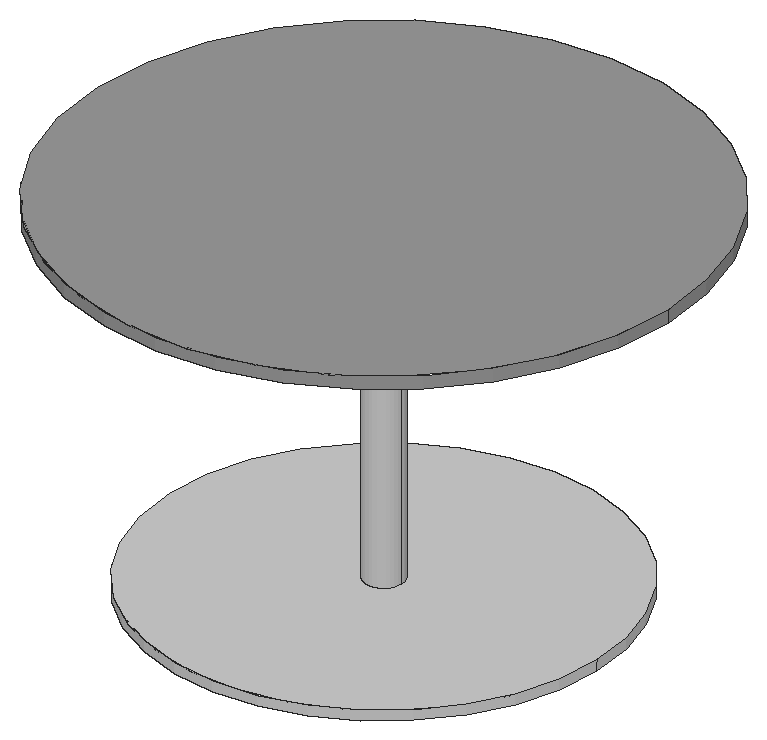
Revit family "Haworth_MeetingPoints_Table_Round_EU_PRELIMINARY", category Furniture, Revit 2019
Family settings
  OmniClass Number = 23.40.70.14.64.21
  OmniClass Title = Systems Furniture
  Work Plane-Based = No
  Always vertical = Yes
  Cut with Voids When Loaded = No
  Shared = No
  Room Calculation Point = No
Parameters (values of type "120cm x 74h - with Disc Base")
  Standard Widths = "70, 80, 90, 100, 120 cm"  # constant formula
  Warranty = "http://www.haworth.com/resources/product-info/warranties"
  URL - Product = "https://www.haworth.com/eu/en/products/meeting-tables/meeting-points.html"
  Table Finish [instance] = Haworth _ Laminate _ Undecided _ Tables
  Small = Diameter < 110 cm  # no
  Radius = Actual Diameter / 2  # 60 cm
  Model = "A00000004"  # constant formula
  Min. Height = 74 cm  # constant formula
  Min. Diameter = 70 cm  # constant formula
  Max. Height = 110 cm  # constant formula
  Max. Diameter = 120 cm  # constant formula
  Large = Diameter = 120 cm  # yes
  Height = 74 cm
  Glides = no
  Glide Finish = Haworth _ Polymer _ Black
  Four Star Base = not(Disc Base Support)  # no
  Disc Radius = if(Small, 30 cm, 45 cm)  # 45 cm
  Disc Base Support = yes
  Diameter = 120 cm
  Description = "Haworth - Meeting Points - Table - Round"  # constant formula
  URL = "https://www.haworth.com/eu/en.html"
  Size = "Verify Final Dim. w/ Haworth"  # constant formula
  Revision Number = "1"  # constant formula
  Manufacturer = "Haworth"  # constant formula
  Casters = not(or(Glides, Disc Base Support))  # no
  Base Height = Actual Height - 3.5 cm  # 70.5 cm
  Base Finish [instance] = Haworth _ Paint _ Undecided _ Table
  Author = "Haworth (Abd Rahman)"  # constant formula
  Assembly Code = "E2020200"
  Actual Height = if(Height > Max. Height, Max. Height, if(Height < Min. Height, Min. Height, Height))  # 74 cm
  Actual Diameter = if(Diameter > Max. Diameter, Max. Diameter, if(Diameter < Min. Diameter, Min. Diameter, Diameter))  # 120 cm
Types (7, lengths in cm): name | Small | Radius | Large | Height | Glides | Four Star Base | Disc Radius | Disc Base Support | Diameter | Casters | Base Height | Actual Height | Actual Diameter
  70cm x 74h - with Casters | yes | 35 | no | 74 | no | yes | 30 | no | 70 | yes | 70.5 | 74 | 70
  80cm x 110h - with Glides | yes | 40 | no | 110 | yes | yes | 30 | no | 80 | no | 106.5 | 110 | 80
  90cm x 74h - with Casters | yes | 45 | no | 74 | no | yes | 30 | no | 90 | yes | 70.5 | 74 | 90
  100cm x 110h - with Glides | yes | 50 | no | 110 | yes | yes | 30 | no | 100 | no | 106.5 | 110 | 100
  120cm x 74h - with Disc Base | no | 60 | yes | 74 | no | no | 45 | yes | 120 | no | 70.5 | 74 | 120
  90cm x 74h - with Disc Base | yes | 45 | no | 74 | no | no | 30 | yes | 90 | no | 70.5 | 74 | 90
  70cm x 110h - with Glides | yes | 35 | no | 110 | yes | yes | 30 | no | 70 | no | 106.5 | 110 | 70
Reference planes (cm)
  plane 1 "Center F/B": y = 0
  plane 2: z = 0
  plane 3 "Top": z = 74
  plane 4: x = 0
  plane 5 "Base Top": z = 1.905
  plane 6: z = 71.5
  plane 7: x = -60
  plane 8: x = 60
  plane 9: y = -60
  plane 10: y = 60
  plane 11: z = 70.5
  plane 12: z = 4.0135
  plane 13: z = 10.1004
Forms (cm)
  Extrusion 1, solid, material "Haworth _ Laminate _ Undecided _ Tables" <- "Table Finish"
    sketch origin (0, 0, 0) x (1, 0, 0) y (0, 1, 0)
      loop
        circle (0, 0) r 60
    from 71.5 to 74
  Extrusion 2, solid, material "Haworth _ Paint _ Undecided _ Table" <- "Base Finish"
    sketch origin (0, 0, 36) x (1, 0, 0) y (0, 1, 0)
      loop
        circle (0, 0) r 14.6201
    from 34.5 to 35.5
  Extrusion 3, solid, material "Haworth _ Paint _ Undecided _ Table" <- "Base Finish", visible <- "Glides"
    sketch origin (0, 0, 0) x (1, 0, 0) y (0, 1, 0)
      loop
        circle (0, 0) r 3
    from 4.0135 to 70.5
  Extrusion 4, solid, material "Haworth _ Paint _ Undecided _ Table" <- "Base Finish", visible <- "Casters"
    sketch origin (0, 0, 0) x (1, 0, 0) y (0, 1, 0)
      loop
        circle (0, 0) r 3
    from 10.1004 to 70.5
Lines and regions (cm)
  Masking region 1
    outline origin (0, 0, 0) x (1, 0, 0) y (0, 1, 0)
      loop
        circle (0, 0) r 60
Dimensions and locks (cm)
  "Actual Height": plane 3 "Top" to level
  locked: plane 5 "Base Top" to level at 1.905
  "Actual Diameter": plane 7 to plane 8
  "Actual Diameter": plane 9 to plane 10
  equal spacing: plane 9, plane 1 "Center F/B", plane 10
  equal spacing: plane 7, plane 4, plane 8
  plane 3 "Top" to plane 6 to plane 11 = 2.5 cm locked, 1 cm locked
  "Radius": radius of Masking region 1 sketch curve
  "Radius": radius of Extrusion 1 sketch curve
  aligned and locked: plane 3 "Top" to Extrusion 1
  aligned and locked: Extrusion 1 to plane 6
  aligned and locked: plane 4 to nested 1
  aligned and locked: plane 1 "Center F/B" to nested 1
  aligned and locked: level to nested 1
  aligned and locked: plane 6 to Extrusion 2
  aligned and locked: Extrusion 2 to plane 11
  aligned and locked: plane 4 to nested 3
  aligned and locked: plane 1 "Center F/B" to nested 3
  aligned and locked: plane 4 to nested 2
  aligned and locked: plane 1 "Center F/B" to nested 2
  aligned and locked: nested 2 to level
  aligned and locked: level to nested 3
  aligned and locked: plane 1 "Center F/B" to Extrusion 3 sketch curve
  aligned and locked: plane 4 to Extrusion 3 sketch curve
  aligned and locked: plane 11 to Extrusion 3
  aligned and locked: Extrusion 3 to plane 12
  aligned and locked: Extrusion 4 to plane 13
  aligned and locked: plane 11 to Extrusion 4
  aligned and locked: plane 4 to Masking region 1 sketch curve
  aligned and locked: plane 1 "Center F/B" to Masking region 1 sketch curve
  aligned and locked: plane 4 to Extrusion 1 sketch curve
  aligned and locked: plane 1 "Center F/B" to Extrusion 1 sketch curve
  aligned and locked: plane 1 "Center F/B" to Extrusion 2 sketch curve
  aligned and locked: plane 4 to Extrusion 2 sketch curve
  aligned and locked: plane 4 to Extrusion 4 sketch curve
  aligned and locked: plane 1 "Center F/B" to Extrusion 4 sketch curve
Automatic sketch dimensions
  radius of Extrusion 2 sketch curve = 14.6201 cm
  radius of Extrusion 3 sketch curve = 3 cm
  radius of Extrusion 4 sketch curve = 3 cm
Nested families (cm)
  nested 1: "Haworth_MeetingTable_DiscBase_PART" at (0, 0, 0), visible <- "Disc Base Support", type "Disc Base - PART"
  nested 2: "Haworth_MeetingPoints_TableBase_Glides_PART" at (0, 1.6111, 0), visible <- "Glides", Base Finish <- "Base Finish", type "Glides - PART"
    with Base Finish Haworth _ Paint _ Undecided _ Table
  nested 3: "Haworth_MeetingPoints_TableBase_Casters_PART" at (0, 0, 0), visible <- "Casters", Support Finish <- "Base Finish", type "Casters - PART"
    with Support Finish Haworth _ Paint _ Undecided _ Table
Definition of nested family "Haworth_MeetingTable_DiscBase_PART"
  Parameters (values of type "Disc Base - PART")
    Warranty = "https://www.haworth.com/resources/product-info/warranties"
    URL - Product = "https://www.haworth.com/products/tables/collaborative/planes"
    Support Finish = none
    Small = no
    Large = yes
    Model = "Haworth - Meeting Points"  # constant formula
    Glide Finish = none
    Disc Radius = 45 cm
    Description = "Haworth - Meeting Points - Disc Base - PART"  # constant formula
    URL = "www.haworth.com"
    Size = "Verify Final Dim. w/ Haworth"  # constant formula
    Revision Number = "1"  # constant formula
    Manufacturer = "Haworth"  # constant formula
    Base Length = Disc Radius - 5 cm  # 40 cm
    Author = "Haworth (Hampton, Abd Rahman)"  # constant formula
    Assembly Code = "E2020200"
    Actual Height = 70.5 cm
  Reference planes (cm)
    plane 1 "Center F/B": y = 0
    plane 2 "Bottom": z = 0
    plane 3 "Top": z = 70.5
    plane 4: x = 0
    plane 5 "Base Top": z = 2.5
    plane 6 "2": z = 0.5
    plane 7: x = -40
    plane 8: y = 40
    plane 9: y = -40
    plane 10: x = 40
  Forms (cm)
    Extrusion 1, solid, material <- "Support Finish"
      sketch origin (0, 0, 0) x (1, 0, 0) y (0, 1, 0)
        loop
          circle (0, 0) r 3.81
      from 2.5 to 70.5
    Extrusion 2, solid, material <- "Support Finish"
      sketch origin (0, 0, 0) x (1, 0, 0) y (0, 1, 0)
        loop
          circle (0, 0) r 45
      from 0.5 to 2.5
    Extrusion 3, solid, material <- "Glide Finish"
      sketch origin (0, 0, 0) x (1, 0, 0) y (0, 1, 0)
        loop
          circle (0, 40) r 2
        loop
          circle (0, -40) r 2
        loop
          circle (-40, 0) r 2
        loop
          circle (40, 0) r 2
      from 0 to 0.5
  Lines and regions (cm)
    Masking region 1
      outline origin (0, 0, 0) x (1, 0, 0) y (0, 1, 0)
        loop
          circle (0, 0) r 45
  Dimensions and locks (cm)
    "Actual Height": plane 3 "Top" to level
    plane 5 "Base Top" to level = 2.5 cm
    "Base Length": plane 4 to plane 10
    "Base Length": plane 7 to plane 4
    "Base Length": plane 1 "Center F/B" to plane 8
    "Base Length": plane 9 to plane 1 "Center F/B"
    "Disc Radius": radius of Extrusion 2 sketch curve
    "Disc Radius": radius of Masking region 1 sketch curve
    aligned and locked: plane 3 "Top" to Extrusion 1
    aligned and locked: Extrusion 1 to plane 5 "Base Top"
    aligned and locked: plane 5 "Base Top" to Extrusion 2
    aligned and locked: plane 1 "Center F/B" to Extrusion 1 sketch curve
    aligned and locked: plane 4 to Extrusion 1 sketch curve
    aligned and locked: plane 1 "Center F/B" to Extrusion 2 sketch curve
    aligned and locked: plane 4 to Extrusion 2 sketch curve
    aligned and locked: Extrusion 2 to plane 6 "2"
    aligned and locked: Extrusion 3 to level
    aligned and locked: plane 6 "2" to Extrusion 3
    aligned and locked: plane 4 to Extrusion 3 sketch curve  (x2)
    aligned and locked: plane 1 "Center F/B" to Extrusion 3 sketch curve  (x2)
    aligned and locked: plane 8 to Extrusion 3 sketch curve
    aligned and locked: plane 9 to Extrusion 3 sketch curve
    aligned and locked: plane 7 to Extrusion 3 sketch curve
    aligned and locked: plane 10 to Extrusion 3 sketch curve
    aligned and locked: plane 4 to Masking region 1 sketch curve
    aligned and locked: plane 1 "Center F/B" to Masking region 1 sketch curve
  Automatic sketch dimensions
    radius of Extrusion 1 sketch curve = 3.81 cm
    radius of Extrusion 3 sketch curve = 2 cm  (x4)
Definition of nested family "Haworth_MeetingPoints_TableBase_Glides_PART"
  Parameters (values of type "Glides - PART")
    Warranty = ""
    Model = "Haworth - Meeting Points - Table - Base - PART"  # constant formula
    Glide Finish = none
    Description = "Haworth - Meeting Points - Table - Base - PART"  # constant formula
    URL = "https://www.haworth.com/eu/en.html"
    Size = "Verify Final Dim. w/ Haworth"  # constant formula
    Revision Number = "1"  # constant formula
    Manufacturer = "Haworth"  # constant formula
    Base Finish [instance] = none
    Author = "Haworth (Abd Rahman)"  # constant formula
    Assembly Code = "E2020200"
    Actual Diameter = 100 cm  # constant formula
  Reference planes (cm)
    plane 1: z = 0
    plane 2 "Top": z = 7.81
    plane 3: x = 0
    plane 4 "Base Top": z = 1.905
    plane 5: x = -50
    plane 6: x = 50
    plane 7 "Back": y = 50
    plane 8 "Front": y = -50
    plane 9: y = -1.6111
  Forms (cm)
    Extrusion 1, solid, material <- "Glide Finish"
      sketch origin (25.1831, 8.821, 0) x (1, 0, 0) y (0, 1, 0)
        loop
          circle (-52.0663, -37.2345) r 1.8056
        loop
          circle (-52.0663, 16.5056) r 1.8056
        loop
          circle (1.6738, 16.5056) r 1.8056
        loop
          circle (1.6738, -37.2345) r 1.8056
      from 0 to 1.1112
    Extrusion 2, solid, material <- "Base Finish"
      sketch origin (-1.2069, 0, 0) x (1, 0, 0) y (0, 1, 0)
        loop
          line (-3.6034, -2.2979) -> (-27.0873, -27.1512)
          arc (-27.0873, -27.1512) -> (-27.0478, -29.939) -> (-24.26, -29.9785) r 2
          line (-24.26, -29.9785) -> (0.7879, -6.3107)
          arc (0.7879, -6.3107) -> (1.2808, -6.1147) -> (1.7737, -6.3107) r 0.7177
          line (1.7737, -6.3107) -> (26.7509, -29.9117)
          arc (26.7509, -29.9117) -> (29.5387, -29.8723) -> (29.5782, -27.0845) r 2
          line (29.5782, -27.0845) -> (6.0987, -2.2358)
          arc (6.0987, -2.2358) -> (5.8256, -1.549) -> (6.0987, -0.8622) r 1
          line (6.0987, -0.8622) -> (29.6305, 24.0417)
          arc (29.6305, 24.0417) -> (29.591, 26.8295) -> (26.8032, 26.869) r 2
          line (26.8032, 26.869) -> (1.7522, 3.1982)
          arc (1.7522, 3.1982) -> (1.2069, 2.9813) -> (0.6616, 3.1982) r 0.7939
          line (0.6616, 3.1982) -> (-24.1752, 26.6666)
          arc (-24.1752, 26.6666) -> (-26.9631, 26.6271) -> (-27.0025, 23.8393) r 2
          line (-27.0025, 23.8393) -> (-3.6034, -0.9243)
          arc (-3.6034, -0.9243) -> (-3.3302, -1.6111) -> (-3.6034, -2.2979) r 1
      from 1.905 to 7.0809
    Extrusion 3, void
      sketch origin (-1.2069, -50, 0) x (-1, 0, 0) y (0, 0, 1)
        loop
          line (-1.7126, 3.9738) -> (-25.7643, 2.6518) -> (-26.2422, 2.4) -> (-31.2789, 2.4) -> (-31.2789, 7.0809) -> (-39.7789, 7.0809) -> (-39.7789, -1.9191) -> (40.7789, -1.9191) -> (40.7789, 7.0809) -> (28.1657, 7.0809) -> (28.1657, 2.4) -> (23.9385, 2.4) -> (23.2002, 2.7891) -> (1.6454, 3.9738)
          arc (1.6454, 3.9738) -> (-0.0336, 4.02) -> (-1.7126, 3.9738) r 30.5922
      from 8.5977 to 90.1645
    Extrusion 4, solid, material <- "Glide Finish"
      sketch origin (-1.5335, -0.2926, 0) x (1, 0, 0) y (0, 1, 0)
        loop
          circle (28.4096, -28.0906) r 0.5876
        loop
          circle (-25.3032, -28.1046) r 0.5876
        loop
          circle (28.3874, 25.5909) r 0.5876
        loop
          circle (-25.3548, 25.6491) r 0.5876
      from 0.93 to 3.81
    Extrusion 5, void
      sketch origin (-1.2069, -50, 0) x (-1, 0, 0) y (0, 0, 1)
        loop
          arc (-11.8752, 6.5859) -> (0.0211, 7.0536) -> (11.9173, 6.5859) r 151.5
          line (11.9173, 6.5859) -> (26.9426, 5.4024) -> (29.2931, 5.2172) -> (29.2931, 8.2203) -> (-32.2789, 8.2203) -> (-32.2789, 4.9787) -> (-26.9423, 5.3991) -> (-11.8752, 6.5859)
      from 17.6538 to 80.4712
  Cuts and joins
    Extrusion 3, Extrusion 5 cuts Extrusion 2
    joined: Extrusion 1, Extrusion 4
  Lines and regions (cm)
    Masking region 1
      outline origin (-1.2069, 0, 0) x (1, 0, 0) y (0, 1, 0)
        loop
          line (26.8028, 26.8693) -> (1.7522, 3.1982)
          spline (1.7522, 3.1982) -> (1.6752, 3.1342) -> (1.5908, 3.0803) -> (1.5003, 3.0375) -> (1.4051, 3.0065) -> (1.3068, 2.9876) -> (1.2069, 2.9813) -> (1.107, 2.9876) -> (1.0086, 3.0065) -> (0.9135, 3.0375) -> (0.823, 3.0803) -> (0.7385, 3.1342) -> (0.6616, 3.1982)
          line (0.6616, 3.1982) -> (-24.1752, 26.6666)
          arc (-24.1752, 26.6666) -> (-26.9631, 26.6271) -> (-27.0025, 23.8393) r 2
          line (-27.0025, 23.8393) -> (-3.6033, -0.9243)
          spline (-3.6033, -0.9243) -> (-3.5227, -1.0212) -> (-3.4549, -1.1276) -> (-3.401, -1.2415) -> (-3.3619, -1.3614) -> (-3.3382, -1.4853) -> (-3.3302, -1.6111) -> (-3.3382, -1.7369) -> (-3.3619, -1.8608) -> (-3.401, -1.9807) -> (-3.4549, -2.0947) -> (-3.5227, -2.201) -> (-3.6033, -2.2979)
          line (-3.6033, -2.2979) -> (-27.0873, -27.1512)
          arc (-27.0873, -27.1512) -> (-27.0478, -29.939) -> (-24.26, -29.9785) r 2
          line (-24.26, -29.9785) -> (0.7879, -6.3107)
          spline (0.7879, -6.3107) -> (0.8574, -6.2528) -> (0.9337, -6.2042) -> (1.0155, -6.1655) -> (1.1016, -6.1374) -> (1.1905, -6.1204) -> (1.2808, -6.1147) -> (1.3711, -6.1204) -> (1.46, -6.1374) -> (1.546, -6.1655) -> (1.6278, -6.2041) -> (1.7041, -6.2528) -> (1.7737, -6.3107)
          line (1.7737, -6.3107) -> (26.7491, -29.91)
          arc (26.7491, -29.91) -> (29.5379, -29.8732) -> (29.5782, -27.0845) r 2
          line (29.5782, -27.0845) -> (6.0987, -2.2357)
          spline (6.0987, -2.2357) -> (6.018, -2.1388) -> (5.9502, -2.0325) -> (5.8964, -1.9186) -> (5.8573, -1.7987) -> (5.8335, -1.6749) -> (5.8256, -1.549) -> (5.8335, -1.4232) -> (5.8573, -1.2993) -> (5.8964, -1.1795) -> (5.9502, -1.0655) -> (6.018, -0.9592) -> (6.0987, -0.8623)
          line (6.0987, -0.8623) -> (29.6259, 24.0369)
          arc (29.6259, 24.0369) -> (29.5933, 26.8272) -> (26.8028, 26.8693) r 2
  Dimensions and locks (cm)
    locked: plane 4 "Base Top" to level at 1.905
    "Actual Diameter": plane 5 to plane 6
    equal spacing: plane 5, plane 3, plane 6
    plane 7 "Back" to plane 8 "Front" = 100 cm
    "Actual Diameter": plane 7 "Back" to plane 8 "Front"
  Automatic sketch dimensions
    Extrusion 2 sketch curve to plane 5 = 21.7058 cm
    Extrusion 2 sketch curve to plane 5 = 21.7906 cm
    Extrusion 2 sketch curve to Extrusion 2 sketch curve = 1.4537 cm  (x4)
    Extrusion 2 sketch curve to Extrusion 2 sketch curve = 1.3736 cm  (x8)
    plane 3 to Extrusion 2 sketch curve = 5.5371 cm
    Extrusion 2 sketch curve to Extrusion 2 sketch curve = 0.7268 cm  (x3)
    plane 3 to Extrusion 2 sketch curve = 0.5453 cm
    plane 3 to Extrusion 2 sketch curve = 0.419 cm
    Extrusion 2 sketch curve to Extrusion 2 sketch curve = 0.5453 cm  (x2)
    Extrusion 2 sketch curve to Extrusion 2 sketch curve = 0.4929 cm  (x2)
    Extrusion 2 sketch curve to Extrusion 2 sketch curve = 4.3465 cm
    Extrusion 2 sketch curve to Extrusion 2 sketch curve = 0 cm
    plane 6 to Extrusion 2 sketch curve = 24.456 cm
    plane 6 to Extrusion 2 sketch curve = 24.4037 cm
    Extrusion 2 sketch curve to Extrusion 2 sketch curve = 4.0749 cm
    Extrusion 2 sketch curve to Extrusion 2 sketch curve = 0.5217 cm
    plane 8 "Front" to Extrusion 2 sketch curve = 22.9155 cm
    plane 8 "Front" to Extrusion 2 sketch curve = 22.8488 cm
    Extrusion 2 sketch curve to Extrusion 2 sketch curve = 0.5771 cm
    plane 4 "Base Top" to Extrusion 5 sketch curve = 6.3153 cm
    plane 6 to Extrusion 5 sketch curve = 18.928 cm
    plane 4 "Base Top" to Extrusion 5 sketch curve = 3.4941 cm
    Extrusion 5 sketch curve to Extrusion 5 sketch curve = 5.3366 cm
    plane 4 "Base Top" to Extrusion 5 sketch curve = 4.6809 cm  (x2)
    Extrusion 5 sketch curve to plane 3 = 10.6683 cm
    plane 3 to Extrusion 5 sketch curve = 1.228 cm
    plane 4 "Base Top" to Extrusion 5 sketch curve = 3.4974 cm
    Extrusion 5 sketch curve to Extrusion 5 sketch curve = 15.0253 cm
    Extrusion 5 sketch curve to Extrusion 5 sketch curve = 2.3505 cm
    Extrusion 5 sketch curve to Extrusion 5 sketch curve = 0.1851 cm
    plane 4 "Base Top" to Extrusion 5 sketch curve = 3.0737 cm
    Extrusion 5 sketch curve to level = 144.4464 cm
    Extrusion 3 sketch curve to level = 1.9191 cm
    plane 6 to Extrusion 3 sketch curve = 11.428 cm
    Extrusion 3 sketch curve to Extrusion 3 sketch curve = 8.5 cm
    plane 4 "Base Top" to Extrusion 3 sketch curve = 0.495 cm  (x2)
    Extrusion 3 sketch curve to Extrusion 3 sketch curve = 5.0367 cm
    plane 4 "Base Top" to Extrusion 3 sketch curve = 0.7468 cm
    Extrusion 3 sketch curve to Extrusion 3 sketch curve = 0.4779 cm
    Extrusion 3 sketch curve to plane 3 = 0.5057 cm
    plane 3 to Extrusion 3 sketch curve = 1.1733 cm
    plane 3 to Extrusion 3 sketch curve = 2.8523 cm
    plane 4 "Base Top" to Extrusion 3 sketch curve = 0.8841 cm
    Extrusion 3 sketch curve to Extrusion 3 sketch curve = 21.5548 cm
    Extrusion 3 sketch curve to Extrusion 3 sketch curve = 0.7384 cm
    Extrusion 3 sketch curve to Extrusion 3 sketch curve = 4.2272 cm
    Extrusion 3 sketch curve to plane 5 = 8.0142 cm
    Extrusion 3 sketch curve to level = 26.5722 cm
    plane 4 "Base Top" to Extrusion 3 sketch curve = 2.0688 cm
    Extrusion 3 sketch curve to Extrusion 3 sketch curve = 4.6809 cm  (x2)
    Extrusion 4 sketch curve to plane 5 = 23.1117 cm
    Extrusion 4 sketch curve to plane 5 = 23.1633 cm
    plane 6 to Extrusion 4 sketch curve = 23.1461 cm
    plane 6 to Extrusion 4 sketch curve = 23.1239 cm
    plane 8 "Front" to Extrusion 4 sketch curve = 21.6029 cm
    plane 8 "Front" to Extrusion 4 sketch curve = 21.6169 cm
    Extrusion 4 sketch curve to plane 7 "Back" = 24.7017 cm
    Extrusion 4 sketch curve to plane 7 "Back" = 24.6435 cm
    Extrusion 1 sketch curve to plane 5 = 23.1168 cm  (x2)
    plane 6 to Extrusion 1 sketch curve = 23.1431 cm  (x2)
    plane 8 "Front" to Extrusion 1 sketch curve = 21.5865 cm  (x2)
    Extrusion 1 sketch curve to plane 7 "Back" = 24.6734 cm  (x2)
    Masking region 1 sketch curve to plane 5 = 23.1595 cm
    Masking region 1 sketch curve to plane 5 = 23.2443 cm
    plane 3 to Masking region 1 sketch curve = 0.5453 cm
    plane 3 to Masking region 1 sketch curve = 0.419 cm
    Masking region 1 sketch curve to Masking region 1 sketch curve = 1.0906 cm
    Masking region 1 sketch curve to Masking region 1 sketch curve = 0.9858 cm
    Masking region 1 sketch curve to Masking region 1 sketch curve = 4.3465 cm
    Masking region 1 sketch curve to Masking region 1 sketch curve = 0 cm  (x9)
    plane 6 to Masking region 1 sketch curve = 24.4578 cm
    Masking region 1 sketch curve to Masking region 1 sketch curve = 1.3754 cm
    plane 6 to Masking region 1 sketch curve = 23.0301 cm
    Masking region 1 sketch curve to Masking region 1 sketch curve = 1.4537 cm  (x3)
    Masking region 1 sketch curve to Masking region 1 sketch curve = 1.4492 cm
    Masking region 1 sketch curve to Masking region 1 sketch curve = 4.075 cm
    plane 8 "Front" to Masking region 1 sketch curve = 22.9155 cm
    Masking region 1 sketch curve to Masking region 1 sketch curve = 1.3736 cm  (x5)
    plane 8 "Front" to Masking region 1 sketch curve = 21.4752 cm
    Masking region 1 sketch curve to plane 7 "Back" = 24.7871 cm
    Masking region 1 sketch curve to Masking region 1 sketch curve = 1.3784 cm
    Masking region 1 sketch curve to Masking region 1 sketch curve = 0.5453 cm
    Masking region 1 sketch curve to Masking region 1 sketch curve = 0.4929 cm
    Masking region 1 sketch curve to Masking region 1 sketch curve = 0.2029 cm
    Masking region 1 sketch curve to Masking region 1 sketch curve = 0.2025 cm
    Masking region 1 sketch curve to Masking region 1 sketch curve = 0.7256 cm
    Masking region 1 sketch curve to Masking region 1 sketch curve = 1.3739 cm
    Masking region 1 sketch curve to Masking region 1 sketch curve = 0.0003 cm  (x2)
    Masking region 1 sketch curve to Masking region 1 sketch curve = 0.6867 cm
    Masking region 1 sketch curve to Masking region 1 sketch curve = 0.7264 cm  (x2)
    plane 3 to Masking region 1 sketch curve = 4.8102 cm
    Masking region 1 sketch curve to Masking region 1 sketch curve = 1.6866 cm
    Masking region 1 sketch curve to Masking region 1 sketch curve = 0.313 cm
    Extrusion 2 sketch curve to Extrusion 2 sketch curve = 23.0794 cm
    Extrusion 2 sketch curve to Extrusion 2 sketch curve = 4.0128 cm
    Extrusion 2 sketch curve to Extrusion 2 sketch curve = 0.6868 cm  (x2)
    Extrusion 2 sketch curve to Extrusion 2 sketch curve = 4.1225 cm
    Extrusion 2 sketch curve to plane 7 "Back" = 26.1607 cm
    Extrusion 2 sketch curve to plane 7 "Back" = 25.9583 cm
    Masking region 1 sketch curve to Masking region 1 sketch curve = 23.6678 cm
    Masking region 1 sketch curve to Masking region 1 sketch curve = 5.3864 cm
    Masking region 1 sketch curve to Masking region 1 sketch curve = 4.0605 cm
    Masking region 1 sketch curve to plane 7 "Back" = 25.9631 cm
    Masking region 1 sketch curve to Masking region 1 sketch curve = 0.3127 cm
    radius of Extrusion 4 sketch curve = 0.5876 cm  (x4)
    radius of Extrusion 1 sketch curve = 1.8056 cm  (x4)
Definition of nested family "Haworth_MeetingPoints_TableBase_Casters_PART"
  Parameters (values of type "Casters - PART")
    Warranty = ""
    Support Finish [instance] = none
    Model = "Haworth - Meeting Points - Table - Base - PART"  # constant formula
    Glide Finish = none
    Description = "Haworth - Meeting Points - Table - Base - PART"  # constant formula
    URL = "https://www.haworth.com/eu/en.html"
    Size = "Verify Final Dim. w/ Haworth"  # constant formula
    Revision Number = "1"  # constant formula
    Manufacturer = "Haworth"  # constant formula
    Author = "Haworth (Abd Rahman)"  # constant formula
    Assembly Code = "E2020200"
    Actual Diameter = 80 cm  # constant formula
  Reference planes (cm)
    plane 1 "Center F/B": y = 0
    plane 2: z = 0
    plane 3 "Top": z = 74
    plane 4: x = 0
    plane 5 "Base Top": z = 1.905
    plane 6: z = 71.5
    plane 7: x = -40
    plane 8: x = 40
    plane 9: y = -40
    plane 10: y = 40
  Forms (cm)
    Extrusion 1, solid, material <- "Support Finish"
      sketch origin (0, 0, 2.75) x (1, 0, 0) y (0, 1, 0)
        loop
          line (-5.1492, -1.1213) -> (-28.9545, -26.3147)
          arc (-28.9545, -26.3147) -> (-29.0991, -26.8515) -> (-29.0194, -27.4016) r 1.3748
          arc (-29.0194, -27.4016) -> (-28.271, -28.332) -> (-27.2997, -29.0266) r 4.3928
          arc (-27.2997, -29.0266) -> (-26.6079, -29.1486) -> (-25.9738, -28.8461) r 1.1521
          line (-25.9738, -28.8461) -> (-0.7662, -5.132)
          arc (-0.7662, -5.132) -> (-0.2735, -4.936) -> (0.2194, -5.1317) r 0.7177
          line (0.2194, -5.1317) -> (25.2847, -28.7908)
          arc (25.2847, -28.7908) -> (25.9301, -29.1331) -> (26.6598, -29.0964) r 1.3748
          arc (26.6598, -29.0964) -> (27.6111, -28.3746) -> (28.3328, -27.4234) r 4.3928
          arc (28.3328, -27.4234) -> (28.4792, -26.7952) -> (28.265, -26.1867) r 1.1521
          line (28.265, -26.1867) -> (4.5409, -1.0792)
          arc (4.5409, -1.0792) -> (4.2678, -0.3924) -> (4.5409, 0.2944) r 1
          line (4.5409, 0.2944) -> (28.1565, 25.287)
          arc (28.1565, 25.287) -> (28.4626, 25.9378) -> (28.3231, 26.6434) r 1.1521
          arc (28.3231, 26.6434) -> (27.6013, 27.5947) -> (26.6501, 28.3164) r 4.3928
          arc (26.6501, 28.3164) -> (25.92, 28.353) -> (25.2744, 28.0103) r 1.3748
          line (25.2744, 28.0103) -> (0.2218, 4.3381)
          arc (0.2218, 4.3381) -> (-0.3235, 4.1212) -> (-0.8688, 4.3381) r 0.7939
          line (-0.8688, 4.3381) -> (-25.9802, 28.066)
          arc (-25.9802, 28.066) -> (-26.6163, 28.3684) -> (-27.3094, 28.2466) r 1.1521
          arc (-27.3094, 28.2466) -> (-28.2807, 27.552) -> (-29.0291, 26.6216) r 4.3928
          arc (-29.0291, 26.6216) -> (-29.0918, 25.9224) -> (-28.8011, 25.2834) r 1.3748
          line (-28.8011, 25.2834) -> (-5.1492, 0.2523)
          arc (-5.1492, 0.2523) -> (-4.876, -0.4345) -> (-5.1492, -1.1213) r 1
      from 5.757 to 11.442
    Extrusion 2, void
      sketch origin (0, -50, 6) x (-1, 0, 0) y (0, 0, 1)
        loop
          line (-1.7126, 4.0676) -> (-24.1039, 2.8369) -> (-24.9329, 2.4) -> (-28.8991, 2.4) -> (-28.8991, 7.0809) -> (-39.7789, 7.0809) -> (-39.7789, -1.9191) -> (40.7789, -1.9191) -> (40.7789, 7.0809) -> (29.3673, 7.0809) -> (29.3673, 2.4) -> (25.6317, 2.4) -> (24.8919, 2.7898) -> (1.6454, 4.0676)
          arc (1.6454, 4.0676) -> (-0.0336, 4.1137) -> (-1.7126, 4.0676) r 30.5922
      from 8.5977 to 90.1645
    Extrusion 3, void
      sketch origin (0, -50, 6.375) x (-1, 0, 0) y (0, 0, 1)
        loop
          arc (-11.0896, 6.3373) -> (0.8067, 6.8051) -> (12.7029, 6.3373) r 151.5
          line (12.7029, 6.3373) -> (26.928, 5.2168) -> (29.2931, 5.0305) -> (29.2931, 8.2203) -> (-29.2931, 8.2203) -> (-29.2931, 4.9034) -> (-26.918, 5.0905) -> (-11.0896, 6.3373)
      from 17.6538 to 80.4712
  Cuts and joins
    Extrusion 2, Extrusion 3 cuts Extrusion 1
  Lines and regions (cm)
    Masking region 1
      outline origin (0, 0, 0) x (1, 0, 0) y (0, 1, 0)
        loop
          line (-0.8688, 4.3381) -> (-25.9802, 28.066)
          arc (-25.9802, 28.066) -> (-26.6163, 28.3684) -> (-27.3094, 28.2466) r 1.1521
          arc (-27.3094, 28.2466) -> (-28.2807, 27.552) -> (-29.0291, 26.6216) r 4.3928
          arc (-29.0291, 26.6216) -> (-29.0918, 25.9224) -> (-28.8011, 25.2835) r 1.3748
          line (-28.8011, 25.2835) -> (-5.1492, 0.2523)
          spline (-5.1492, 0.2523) -> (-5.0685, 0.1554) -> (-5.0007, 0.0491) -> (-4.9468, -0.0649) -> (-4.9077, -0.1847) -> (-4.884, -0.3086) -> (-4.876, -0.4344) -> (-4.884, -0.5603) -> (-4.9077, -0.6841) -> (-4.9468, -0.804) -> (-5.0007, -0.918) -> (-5.0685, -1.0243) -> (-5.1491, -1.1212)
          line (-5.1491, -1.1212) -> (-28.9546, -26.3148)
          arc (-28.9546, -26.3148) -> (-29.0991, -26.8515) -> (-29.0194, -27.4016) r 1.3748
          arc (-29.0194, -27.4016) -> (-28.271, -28.332) -> (-27.2997, -29.0266) r 4.3928
          arc (-27.2997, -29.0266) -> (-26.6079, -29.1486) -> (-25.9738, -28.8461) r 1.1521
          line (-25.9738, -28.8461) -> (-0.7663, -5.1321)
          spline (-0.7663, -5.1321) -> (-0.6968, -5.0742) -> (-0.6205, -5.0256) -> (-0.5387, -4.9869) -> (-0.4527, -4.9588) -> (-0.3639, -4.9417) -> (-0.2736, -4.936) -> (-0.1833, -4.9416) -> (-0.0944, -4.9586) -> (-0.0084, -4.9866) -> (0.0735, -5.0253) -> (0.1498, -5.0739) -> (0.2193, -5.1317)
          line (0.2193, -5.1317) -> (25.2847, -28.7908)
          arc (25.2847, -28.7908) -> (25.9301, -29.1331) -> (26.6598, -29.0964) r 1.3748
          arc (26.6598, -29.0964) -> (27.6111, -28.3746) -> (28.3328, -27.4234) r 4.3928
          arc (28.3328, -27.4234) -> (28.4724, -26.7177) -> (28.166, -26.0667) r 1.1521
          line (28.166, -26.0667) -> (4.5272, -1.0647)
          spline (4.5272, -1.0647) -> (4.4494, -0.9676) -> (4.3844, -0.8615) -> (4.333, -0.7482) -> (4.2961, -0.6294) -> (4.2742, -0.5069) -> (4.2677, -0.3826) -> (4.2767, -0.2585) -> (4.301, -0.1365) -> (4.3403, -0.0184) -> (4.3939, 0.0938) -> (4.4611, 0.1986) -> (4.5407, 0.2941)
          line (4.5407, 0.2941) -> (28.1565, 25.287)
          arc (28.1565, 25.287) -> (28.4626, 25.9378) -> (28.3231, 26.6434) r 1.1521
          arc (28.3231, 26.6434) -> (27.6013, 27.5947) -> (26.6501, 28.3164) r 4.3928
          arc (26.6501, 28.3164) -> (25.92, 28.353) -> (25.2744, 28.0103) r 1.3748
          line (25.2744, 28.0103) -> (0.2218, 4.3381)
          spline (0.2218, 4.3381) -> (0.1448, 4.274) -> (0.0604, 4.2202) -> (-0.0301, 4.1774) -> (-0.1252, 4.1463) -> (-0.2236, 4.1275) -> (-0.3235, 4.1212) -> (-0.4234, 4.1275) -> (-0.5217, 4.1463) -> (-0.6169, 4.1774) -> (-0.7074, 4.2202) -> (-0.7918, 4.274) -> (-0.8688, 4.3381)
  Dimensions and locks (cm)
    plane 3 "Top" to level = 74 cm
    locked: plane 5 "Base Top" to level at 1.905
    plane 3 "Top" to plane 6 = 2.5 cm
    "Actual Diameter": plane 7 to plane 8
    "Actual Diameter": plane 9 to plane 10
    equal spacing: plane 9, plane 1 "Center F/B", plane 10
    equal spacing: plane 7, plane 4, plane 8
  Automatic sketch dimensions
    Extrusion 1 sketch curve to plane 7 = 11.0455 cm
    Extrusion 1 sketch curve to plane 7 = 11.1989 cm
    Extrusion 1 sketch curve to Extrusion 1 sketch curve = 1.0646 cm
    Extrusion 1 sketch curve to Extrusion 1 sketch curve = 1.2278 cm
    Extrusion 1 sketch curve to Extrusion 1 sketch curve = 0.9636 cm  (x2)
    Extrusion 1 sketch curve to Extrusion 1 sketch curve = 2.4728 cm  (x2)
    plane 1 "Center F/B" to Extrusion 1 sketch curve = 0.4345 cm
    plane 4 to Extrusion 1 sketch curve = 5.876 cm
    Extrusion 1 sketch curve to plane 1 "Center F/B" = 0.2523 cm
    Extrusion 1 sketch curve to Extrusion 1 sketch curve = 0.7268 cm  (x2)
    plane 1 "Center F/B" to Extrusion 1 sketch curve = 1.1213 cm
    plane 4 to Extrusion 1 sketch curve = 0.8688 cm
    plane 4 to Extrusion 1 sketch curve = 0.7662 cm
    plane 4 to Extrusion 1 sketch curve = 0.3235 cm
    plane 4 to Extrusion 1 sketch curve = 0.2733 cm
    Extrusion 1 sketch curve to plane 4 = 0.2194 cm
    Extrusion 1 sketch curve to plane 4 = 0.2218 cm
    plane 1 "Center F/B" to Extrusion 1 sketch curve = 1.0792 cm
    Extrusion 1 sketch curve to plane 4 = 4.5409 cm
    Extrusion 1 sketch curve to plane 1 "Center F/B" = 0.2944 cm
    Extrusion 1 sketch curve to Extrusion 1 sketch curve = 0 cm  (x3)
    plane 8 to Extrusion 1 sketch curve = 15.5049 cm
    plane 8 to Extrusion 1 sketch curve = 15.4951 cm
    Extrusion 1 sketch curve to Extrusion 1 sketch curve = 0.7793 cm
    Extrusion 1 sketch curve to Extrusion 1 sketch curve = 0.7798 cm
    Extrusion 1 sketch curve to Extrusion 1 sketch curve = 0.9442 cm
    Extrusion 1 sketch curve to Extrusion 1 sketch curve = 0.9437 cm
    Extrusion 1 sketch curve to Extrusion 1 sketch curve = 1.1005 cm  (x2)
    Extrusion 1 sketch curve to Extrusion 1 sketch curve = 0.8374 cm
    Extrusion 1 sketch curve to Extrusion 1 sketch curve = 0.9361 cm
    plane 1 "Center F/B" to Extrusion 1 sketch curve = 5.1317 cm
    Extrusion 1 sketch curve to Extrusion 1 sketch curve = 0.0003 cm
    Extrusion 1 sketch curve to plane 9 = 14.8609 cm
    Extrusion 1 sketch curve to plane 9 = 14.7315 cm
    Extrusion 1 sketch curve to Extrusion 1 sketch curve = 0.9183 cm
    Extrusion 1 sketch curve to Extrusion 1 sketch curve = 1.1756 cm
    Extrusion 1 sketch curve to Extrusion 1 sketch curve = 0.6715 cm
    Extrusion 1 sketch curve to Extrusion 1 sketch curve = 0.6186 cm
    Extrusion 1 sketch curve to Extrusion 1 sketch curve = 0.9328 cm  (x2)
    Extrusion 1 sketch curve to Extrusion 1 sketch curve = 1.0737 cm  (x2)
    Extrusion 1 sketch curve to Extrusion 1 sketch curve = 0.9998 cm
    Extrusion 1 sketch curve to plane 1 "Center F/B" = 4.3381 cm
    Extrusion 1 sketch curve to Extrusion 1 sketch curve = 0.5771 cm
    plane 10 to Extrusion 1 sketch curve = 15.6409 cm
    plane 10 to Extrusion 1 sketch curve = 15.5115 cm
    Extrusion 1 sketch curve to Extrusion 1 sketch curve = 0.9243 cm
    Extrusion 1 sketch curve to Extrusion 1 sketch curve = 0.7985 cm
    Extrusion 1 sketch curve to Extrusion 1 sketch curve = 0.7912 cm  (x2)
    Extrusion 1 sketch curve to Extrusion 1 sketch curve = 0.8699 cm
    Extrusion 1 sketch curve to Extrusion 1 sketch curve = 0.9993 cm
    Extrusion 1 sketch curve to Extrusion 1 sketch curve = 0.0648 cm
    Extrusion 1 sketch curve to Extrusion 1 sketch curve = 0.228 cm
    Extrusion 1 sketch curve to Extrusion 1 sketch curve = 0.0015 cm  (x2)
    Extrusion 1 sketch curve to Extrusion 1 sketch curve = 0.7894 cm
    Extrusion 1 sketch curve to Extrusion 1 sketch curve = 0.4315 cm  (x2)
    plane 8 to Extrusion 2 sketch curve = 0.2211 cm
    Extrusion 2 sketch curve to Extrusion 2 sketch curve = 10.8798 cm
    Extrusion 2 sketch curve to Extrusion 2 sketch curve = 3.9662 cm
    plane 5 "Base Top" to Extrusion 2 sketch curve = 6.9319 cm
    Extrusion 2 sketch curve to Extrusion 2 sketch curve = 0.829 cm
    Extrusion 2 sketch curve to plane 4 = 1.7126 cm
    Extrusion 2 sketch curve to plane 4 = 0.0336 cm
    plane 4 to Extrusion 2 sketch curve = 1.6454 cm
    plane 5 "Base Top" to Extrusion 2 sketch curve = 6.8848 cm
    Extrusion 2 sketch curve to plane 7 = 15.1081 cm
    Extrusion 2 sketch curve to Extrusion 2 sketch curve = 0.7398 cm
    Extrusion 2 sketch curve to Extrusion 2 sketch curve = 3.7356 cm
    plane 7 to Extrusion 2 sketch curve = 0.7789 cm
    Extrusion 2 sketch curve to Extrusion 2 sketch curve = 0.4368 cm
    Extrusion 2 sketch curve to Extrusion 2 sketch curve = 0.3898 cm
    plane 5 "Base Top" to Extrusion 2 sketch curve = 2.1759 cm
    Extrusion 2 sketch curve to level = 20.4785 cm
    plane 5 "Base Top" to Extrusion 2 sketch curve = 8.1626 cm
    Extrusion 2 sketch curve to Extrusion 2 sketch curve = 4.6809 cm  (x2)
    plane 8 to Extrusion 3 sketch curve = 10.7069 cm
    Extrusion 3 sketch curve to Extrusion 3 sketch curve = 2.3751 cm
    Extrusion 3 sketch curve to plane 4 = 11.0896 cm
    plane 4 to Extrusion 3 sketch curve = 0.8067 cm
    plane 4 to Extrusion 3 sketch curve = 12.7029 cm
    Extrusion 3 sketch curve to plane 7 = 13.072 cm
    Extrusion 3 sketch curve to Extrusion 3 sketch curve = 2.3652 cm
    Extrusion 3 sketch curve to level = 138.3199 cm
    plane 5 "Base Top" to Extrusion 3 sketch curve = 9.3734 cm
    plane 5 "Base Top" to Extrusion 3 sketch curve = 9.5005 cm
    Extrusion 3 sketch curve to Extrusion 3 sketch curve = 0.1871 cm
    Extrusion 3 sketch curve to Extrusion 3 sketch curve = 0.1863 cm
    plane 5 "Base Top" to Extrusion 3 sketch curve = 10.8073 cm
    Extrusion 3 sketch curve to Extrusion 3 sketch curve = 3.3169 cm
    Masking region 1 sketch curve to plane 7 = 11.0454 cm
    Masking region 1 sketch curve to plane 7 = 11.1989 cm
    Masking region 1 sketch curve to Masking region 1 sketch curve = 1.0646 cm
    Masking region 1 sketch curve to Masking region 1 sketch curve = 1.2278 cm
    Masking region 1 sketch curve to Masking region 1 sketch curve = 0.9636 cm  (x2)
    Masking region 1 sketch curve to Masking region 1 sketch curve = 0.7894 cm
    Masking region 1 sketch curve to Masking region 1 sketch curve = 2.4728 cm  (x2)
    Masking region 1 sketch curve to plane 1 "Center F/B" = 0.2523 cm
    plane 4 to Masking region 1 sketch curve = 5.1492 cm
    plane 1 "Center F/B" to Masking region 1 sketch curve = 1.1212 cm
    Masking region 1 sketch curve to Masking region 1 sketch curve = 0 cm  (x4)
    plane 4 to Masking region 1 sketch curve = 0.8688 cm
    plane 4 to Masking region 1 sketch curve = 0.7663 cm
    Masking region 1 sketch curve to plane 4 = 0.2193 cm
    plane 1 "Center F/B" to Masking region 1 sketch curve = 1.0647 cm
    Masking region 1 sketch curve to plane 4 = 4.5272 cm
    Masking region 1 sketch curve to plane 1 "Center F/B" = 0.2941 cm
    Masking region 1 sketch curve to Masking region 1 sketch curve = 0.0136 cm
    plane 8 to Masking region 1 sketch curve = 15.5049 cm
    plane 8 to Masking region 1 sketch curve = 15.4951 cm
    Masking region 1 sketch curve to Masking region 1 sketch curve = 0.7798 cm
    Masking region 1 sketch curve to Masking region 1 sketch curve = 1.7235 cm
    Masking region 1 sketch curve to Masking region 1 sketch curve = 0.9437 cm
    Masking region 1 sketch curve to Masking region 1 sketch curve = 1.1005 cm  (x2)
    Masking region 1 sketch curve to Masking region 1 sketch curve = 0.8374 cm
    Masking region 1 sketch curve to Masking region 1 sketch curve = 0.8371 cm
    plane 1 "Center F/B" to Masking region 1 sketch curve = 5.1317 cm
    Masking region 1 sketch curve to Masking region 1 sketch curve = 0.0004 cm
    Masking region 1 sketch curve to plane 9 = 14.8609 cm
    Masking region 1 sketch curve to plane 9 = 14.7315 cm
    Masking region 1 sketch curve to Masking region 1 sketch curve = 0.7983 cm
    Masking region 1 sketch curve to Masking region 1 sketch curve = 1.1756 cm
    Masking region 1 sketch curve to Masking region 1 sketch curve = 0.7915 cm
    Masking region 1 sketch curve to Masking region 1 sketch curve = 0.6186 cm
    Masking region 1 sketch curve to Masking region 1 sketch curve = 0.9328 cm  (x2)
    Masking region 1 sketch curve to Masking region 1 sketch curve = 1.0737 cm  (x2)
    Masking region 1 sketch curve to Masking region 1 sketch curve = 0.9998 cm
    Masking region 1 sketch curve to Masking region 1 sketch curve = 0.8391 cm
    plane 10 to Masking region 1 sketch curve = 15.6409 cm
    plane 10 to Masking region 1 sketch curve = 15.5115 cm
    Masking region 1 sketch curve to Masking region 1 sketch curve = 0.9243 cm
    Masking region 1 sketch curve to Masking region 1 sketch curve = 0.7985 cm
    Masking region 1 sketch curve to Masking region 1 sketch curve = 0.7912 cm  (x2)
    Masking region 1 sketch curve to Masking region 1 sketch curve = 0.8699 cm
    Masking region 1 sketch curve to Masking region 1 sketch curve = 0.0648 cm
    Masking region 1 sketch curve to Masking region 1 sketch curve = 0.228 cm
    Masking region 1 sketch curve to Masking region 1 sketch curve = 0.0015 cm  (x2)
    Masking region 1 sketch curve to Masking region 1 sketch curve = 0.7262 cm
    plane 4 to Masking region 1 sketch curve = 0.9423 cm
    plane 4 to Masking region 1 sketch curve = 0.3235 cm
    plane 4 to Masking region 1 sketch curve = 0.2733 cm
    Masking region 1 sketch curve to Masking region 1 sketch curve = 0.0278 cm
    Masking region 1 sketch curve to Masking region 1 sketch curve = 0.7259 cm
    Masking region 1 sketch curve to Masking region 1 sketch curve = 0.9442 cm
    Masking region 1 sketch curve to Masking region 1 sketch curve = 0.4315 cm  (x2)
    Masking region 1 sketch curve to Masking region 1 sketch curve = 0.313 cm
    plane 1 "Center F/B" to Masking region 1 sketch curve = 0.3926 cm
    Masking region 1 sketch curve to plane 1 "Center F/B" = 4.3381 cm
    Masking region 1 sketch curve to plane 4 = 0.2218 cm
  Nested families (cm)
    nested 1: "Haworth_3in Caster" at (-27.2516, -27.3037, 0) x (-0.7071, -0.7071, 0) z (0, 0, 1), type "Haworth_3in Caster"
    nested 2: "Haworth_3in Caster" at (-27.2015, 26.4794, 0) x (-0.7071, -0.7071, 0) z (0, 0, 1), type "Haworth_3in Caster"
    nested 3: "Haworth_3in Caster" at (26.2977, 26.718, 0) x (-0.7071, -0.7071, 0) z (0, 0, 1), type "Haworth_3in Caster"
    nested 4: "Haworth_3in Caster" at (26.5669, -27.3037, 0) x (-0.7071, -0.7071, 0) z (0, 0, 1), type "Haworth_3in Caster"
  Definition of nested family "Haworth_3in Caster"
    Parameters (values of type "Haworth_3in Caster")
      Glides = yes
      Caster Finish = none
      Cart Leg Finish = none
      Assembly Code = ""
    Reference planes (cm)
      plane 1 "Center (Front/Back)": y = 0
      plane 2: z = 0
      plane 3 "Center (Left/Right)": x = 0
    Forms (cm)
      Extrusion 1, solid
        sketch origin (0, 0, -0.0538) x (0, 1, 0) y (0, 0, 1)
          loop
            circle (-1.2369, 4.0225) r 3.9688
        from 2.2225 to 0.7938
      Extrusion 2, solid
        sketch origin (0, 0, -0.0538) x (0, 1, 0) y (0, 0, 1)
          loop
            circle (-1.2369, 4.0225) r 3.9688
        from -2.2225 to -0.7938
      Extrusion 3, solid
        sketch origin (0, 0, 0) x (0, 1, 0) y (0, 0, 1)
          loop
            circle (-1.2369, 3.9687) r 3.3338
        from -0.7938 to 0.7938
      Extrusion 4, solid
        sketch origin (0, 0, 0) x (1, 0, 0) y (0, 1, 0)
          loop
            circle (0, 0) r 0.635
        from 6.1913 to 8.7313
    Cuts and joins
      joined: Extrusion 3, Extrusion 4
    Dimensions and locks (cm)
      plane 3 "Center (Left/Right)" to Extrusion 2 = 0.7938 cm
      Extrusion 1 to plane 3 "Center (Left/Right)" = 2.2225 cm
